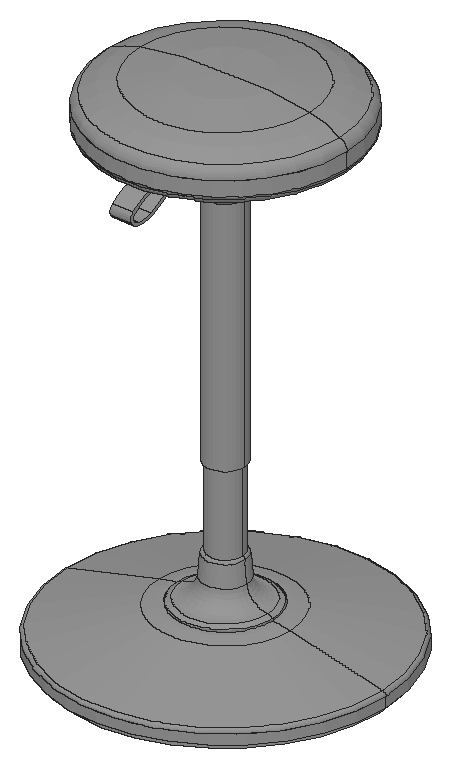
Revit family "LS37", category Furniture, Revit 2019
Family settings
  OmniClass Number = 23.40.00.00
  OmniClass Title = Equipment and Furnishings
  Work Plane-Based = No
  Always vertical = Yes
  Cut with Voids When Loaded = No
  Shared = No
  Room Calculation Point = No
Parameters
  URL = "www.gof.co.uk"
  Seat = Gresham - Camira  Trail - HTL10
  Range = "SEATING"
  Product Data Specification = ""
  Product Code = "LS37"
  Product Brochure = ""
  Model = "TASK & VISITOR"
  Manufacturer = "Gresham Office Funiture"  # constant formula
  HeightControl [instance] = if(Height < 595 mm, 595 mm, (if(Height > 850 mm, 850 mm, Height)))  # 650 mm
  Height [instance] = 650 mm
  Chrome Base = Gresham - CHROME METAL
  Base = GRESHAM - TEXTURED PLASTIC
  Assembly Code = "E2020200"
Reference planes
  plane 1 "Center (Front/Back)": y = 0
  plane 2: z = 0
  plane 3 "Center (Left/Right)": x = 0
  plane 4: z = 650
  plane 5: x = 200
  plane 6: x = -200
  plane 7: z = 593
  plane 8: z = 215.784
Forms (mm)
  Revolve 1, solid, material "GRESHAM - TEXTURED PLASTIC" <- "Base"
    sketch origin (0, 0, -200) x (1, 0, 0) y (0, 0, 1)
      loop
        line (0, 793) -> (0, 415.784) -> (23.979, 415.784) -> (23.979, 715.784)
        arc (23.979, 715.784) -> (48.504, 743.765) -> (80.724, 762.376) r 114.186
        line (80.724, 762.376) -> (146.233, 787.044)
        arc (146.233, 787.044) -> (149.002, 789.426) -> (149.756, 793) r 5.698
        line (149.756, 793) -> (0, 793)
      axis (0, 793) -> (0, 415.784)
    angle from 0 to 360
  Revolve 2, solid, material "Gresham - CHROME METAL" <- "Chrome Base"
    sketch origin (0, 0, 0) x (1, 0, 0) y (0, 0, 1)
      loop
        line (0, 56.584) -> (60, 56.584)
        arc (60, 56.584) -> (60.05, 57.46) -> (59.559, 58.188) r 1.375
        arc (59.559, 58.188) -> (56.367, 59.659) -> (53.246, 61.278) r 74.885
        arc (53.246, 61.278) -> (35.691, 68.705) -> (27.228, 85.786) r 27.4
        line (27.228, 85.786) -> (24.53, 111.459)
        arc (24.53, 111.459) -> (23.551, 113.821) -> (21.443, 115.268) r 4.497
        line (21.443, 115.268) -> (21.443, 215.784) -> (0, 215.784) -> (0, 56.584)
      axis (0, 215.784) -> (0, 56.584)
    angle from 0 to 360
  Revolve 3, solid, material "GRESHAM - TEXTURED PLASTIC" <- "Base"
    sketch origin (0, 0, 0) x (1, 0, 0) y (0, 0, 1)
      loop
        line (0, 56.55) -> (0, 0) -> (192.931, 0) -> (192.931, 8.211) -> (200.768, 8.211) -> (200.768, 20.748)
        arc (200.768, 20.748) -> (199.693, 23.845) -> (196.932, 25.61) r 5
        line (196.932, 25.61) -> (82.297, 53.049)
        arc (82.297, 53.049) -> (67.563, 55.672) -> (52.623, 56.55) r 127.477
        line (52.623, 56.55) -> (0, 56.55)
      axis (0, 56.55) -> (0, 0)
    angle from 0 to 360
  Extrusion 4, solid, material "Rubber, Black"
    sketch origin (0, 0, 52.839) x (0, 1, 0) y (0, 0, 1)
      loop
        line (-95.222, 518.838) -> (-122.071, 528.973)
        arc (-122.071, 528.973) -> (-142.403, 525.468) -> (-160.444, 515.457) r 61.708
        arc (-160.444, 515.457) -> (-163.787, 509.387) -> (-161.86, 502.731) r 9.055
        arc (-161.86, 502.731) -> (-156.527, 498.284) -> (-149.879, 496.279) r 17.38
        arc (-149.879, 496.279) -> (-139.89, 496.596) -> (-130.281, 499.345) r 40.58
        arc (-130.281, 499.345) -> (-112.238, 508.167) -> (-95.222, 518.838) r 190.689
      loop
        arc (-122.608, 525.969) -> (-141.664, 522.548) -> (-158.57, 513.114) r 58.708
        arc (-158.57, 513.114) -> (-160.806, 509.055) -> (-159.517, 504.604) r 6.055
        arc (-159.517, 504.604) -> (-155.105, 500.925) -> (-149.604, 499.266) r 14.38
        arc (-149.604, 499.266) -> (-140.354, 499.56) -> (-131.455, 502.105) r 37.58
        arc (-131.455, 502.105) -> (-116.209, 509.417) -> (-101.682, 518.07) r 187.689
        line (-101.682, 518.07) -> (-122.608, 525.969)
    from -13 to 13
  Revolve 5, solid, material "Gresham - Camira  Trail - HTL10" <- "Seat"
    sketch origin (0, 0, 0) x (1, 0, 0) y (0, 0, 1)
      loop
        line (0, 650) -> (0, 593) -> (150, 593)
        arc (150, 593) -> (151.737, 593.852) -> (152.126, 595.748) r 2.196
        line (152.126, 595.748) -> (152.126, 614.097)
        arc (152.126, 614.097) -> (149.938, 622.053) -> (143.99, 627.772) r 15.561
        arc (143.99, 627.772) -> (125.383, 636.134) -> (105.734, 641.62) r 136.033
        arc (105.734, 641.62) -> (53.115, 648.936) -> (0, 650) r 450.01
      axis (0, 650) -> (0, 593)
    angle from 0 to 360
Dimensions and locks
  "HeightControl": plane 4 to level
  equal spacing: plane 6, plane 3 "Center (Left/Right)", plane 5
  plane 5 to plane 6 = 400 mm
  locked: Revolve 1 to Extrusion 4 at 5.232
  locked: plane 4 to plane 7 at 57
  locked: plane 7 to Revolve 1 sketch curve at 77.216
  locked: plane 7 to Revolve 1 at 77.216
  locked: Revolve 1 to plane 8 at 300
  locked: plane 4 to plane 8 at 434.216
  aligned and locked: level to plane 2
  aligned and locked: plane 8 to Revolve 1
  aligned and locked: plane 8 to Revolve 2
Automatic sketch dimensions
  Revolve 3 sketch curve to plane 3 "Center (Left/Right)" = 0 mm  (x2)
  Revolve 3 sketch curve to level = 0 mm
  plane 3 "Center (Left/Right)" to Revolve 3 sketch curve = 52.623 mm
  Revolve 3 sketch curve to Revolve 3 sketch curve = 29.674 mm
  Revolve 3 sketch curve to plane 5 = 7.069 mm
  Revolve 3 sketch curve to plane 5 = 4.232 mm
  Revolve 3 sketch curve to plane 5 = 3.068 mm
  plane 5 to Revolve 3 sketch curve = 0.768 mm
  level to Revolve 3 sketch curve = 8.211 mm
  Revolve 3 sketch curve to Revolve 3 sketch curve = 64.074 mm
  Revolve 3 sketch curve to Revolve 3 sketch curve = 0.926 mm
  Extrusion 4 sketch curve to Extrusion 4 sketch curve = 0 mm  (x22)
  plane 1 "Center (Front/Back)" to Extrusion 4 sketch curve = 154.789 mm
  Extrusion 4 sketch curve to Extrusion 4 sketch curve = 6.502 mm
  Extrusion 4 sketch curve to Extrusion 4 sketch curve = 2.126 mm
  Extrusion 4 sketch curve to Extrusion 4 sketch curve = 24.09 mm
  Extrusion 4 sketch curve to Extrusion 4 sketch curve = 32.886 mm
  Extrusion 4 sketch curve to Extrusion 4 sketch curve = 26.849 mm
  Extrusion 4 sketch curve to Extrusion 4 sketch curve = 5.2 mm
  Extrusion 4 sketch curve to Extrusion 4 sketch curve = 5.253 mm
  Extrusion 4 sketch curve to Extrusion 4 sketch curve = 10.135 mm
  Extrusion 4 sketch curve to Extrusion 4 sketch curve = 23.103 mm
  Extrusion 4 sketch curve to Extrusion 4 sketch curve = 7.071 mm
  Extrusion 4 sketch curve to Extrusion 4 sketch curve = 2.343 mm
  Extrusion 4 sketch curve to Extrusion 4 sketch curve = 0.537 mm
  Extrusion 4 sketch curve to Extrusion 4 sketch curve = 6.46 mm
  Extrusion 4 sketch curve to Extrusion 4 sketch curve = 0.768 mm
  Extrusion 4 sketch curve to Extrusion 4 sketch curve = 3.004 mm
  Revolve 3 sketch curve to level = 70.926 mm
  Revolve 3 sketch curve to Revolve 3 sketch curve = 12.537 mm
  level to Revolve 3 sketch curve = 53.049 mm
  Extrusion 4 sketch curve to plane 4 = 77.665 mm
  Extrusion 4 sketch curve to Extrusion 4 sketch curve = 58.743 mm
  Revolve 1 sketch curve to plane 3 "Center (Left/Right)" = 0 mm  (x2)
  Revolve 1 sketch curve to plane 7 = 0 mm
  Revolve 1 sketch curve to plane 7 = 30.624 mm
  Revolve 1 sketch curve to Revolve 1 sketch curve = 56.745 mm
  Revolve 1 sketch curve to plane 5 = 79.036 mm
  Revolve 1 sketch curve to plane 7 = 0.673 mm
  Revolve 1 sketch curve to plane 5 = 55.902 mm
  Revolve 1 sketch curve to plane 7 = 5.956 mm
  Revolve 1 sketch curve to Revolve 1 sketch curve = 2.134 mm
  Revolve 1 sketch curve to Revolve 1 sketch curve = 115.784 mm
  Revolve 1 sketch curve to Revolve 1 sketch curve = 184.216 mm
  Revolve 1 sketch curve to Revolve 1 sketch curve = 35.623 mm
  plane 3 "Center (Left/Right)" to Revolve 1 sketch curve = 23.979 mm
  Revolve 2 sketch curve to plane 3 "Center (Left/Right)" = 0 mm  (x2)
  Revolve 2 sketch curve to plane 8 = 0 mm
  plane 3 "Center (Left/Right)" to Revolve 2 sketch curve = 20.057 mm
  Revolve 2 sketch curve to Revolve 2 sketch curve = 1.385 mm
  Revolve 2 sketch curve to Revolve 2 sketch curve = 4.473 mm
  Revolve 2 sketch curve to Revolve 2 sketch curve = 2.698 mm
  Revolve 2 sketch curve to Revolve 2 sketch curve = 27.25 mm
  Revolve 2 sketch curve to Revolve 2 sketch curve = 4.246 mm
  Revolve 2 sketch curve to Revolve 2 sketch curve = 1.276 mm
  Revolve 2 sketch curve to Revolve 2 sketch curve = 34.813 mm
  level to Revolve 2 sketch curve = 126.918 mm
  Revolve 2 sketch curve to Revolve 2 sketch curve = 11.651 mm
  Revolve 2 sketch curve to Revolve 2 sketch curve = 3.808 mm
  Revolve 2 sketch curve to Revolve 2 sketch curve = 22.809 mm
  Revolve 2 sketch curve to Revolve 2 sketch curve = 25.673 mm
  Revolve 2 sketch curve to Revolve 2 sketch curve = 31.554 mm
  Revolve 2 sketch curve to Revolve 2 sketch curve = 0.512 mm
  Revolve 2 sketch curve to Revolve 2 sketch curve = 5.478 mm
  Revolve 2 sketch curve to Revolve 2 sketch curve = 129.757 mm
  Revolve 2 sketch curve to Revolve 2 sketch curve = 10.243 mm
  Revolve 5 sketch curve to plane 3 "Center (Left/Right)" = 0 mm  (x2)
  Revolve 5 sketch curve to plane 7 = 0 mm
  Revolve 5 sketch curve to plane 4 = 0 mm
  plane 3 "Center (Left/Right)" to Revolve 5 sketch curve = 17.56 mm
  plane 3 "Center (Left/Right)" to Revolve 5 sketch curve = 79.08 mm
  plane 7 to Revolve 5 sketch curve = 21.097 mm
  Revolve 5 sketch curve to plane 5 = 63.435 mm
  plane 7 to Revolve 5 sketch curve = 2.196 mm
  Revolve 5 sketch curve to Revolve 5 sketch curve = 13.435 mm
  Revolve 5 sketch curve to Revolve 5 sketch curve = 2.126 mm
  Revolve 5 sketch curve to plane 7 = 84.776 mm
  Revolve 5 sketch curve to plane 8 = 15.452 mm
  Revolve 5 sketch curve to Revolve 5 sketch curve = 0 mm
  Revolve 5 sketch curve to Revolve 5 sketch curve = 73 mm
  Revolve 5 sketch curve to Revolve 5 sketch curve = 120 mm
